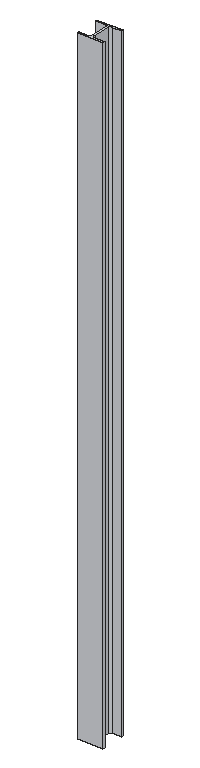
Revit family "H 型鋼柱", category 結構柱, Revit 2014
Parameters (values of type "H100x100")
  W = 0
  Structural Material [instance] = none
  關鍵註記 = "05124"
  Assembly Code = ""
  B = 100 mm
  H = 100 mm
  r = 10 mm
  tf = 8 mm
  tw = 6 mm
  A = 0.001 m²
Reference planes
  plane 1: y = 0
  plane 2: z = 0
  plane 3: x = 0
  plane 4: x = -50
  plane 5: x = 50
  plane 6: y = 50
  plane 7: y = -50
Forms (mm)
  Extrusion 1, solid, material <- "Structural Material", detail levels medium+fine
    sketch origin (0, 0, 0) x (1, 0, 0) y (0, 1, 0)
      loop
        line (-50, 50) -> (-50, 42) -> (-13, 42)
        arc (-13, 42) -> (-5.929, 39.071) -> (-3, 32) r 10
        line (-3, 32) -> (-3, -32)
        arc (-3, -32) -> (-5.929, -39.071) -> (-13, -42) r 10
        line (-13, -42) -> (-50, -42) -> (-50, -50) -> (50, -50) -> (50, -42) -> (13, -42)
        arc (13, -42) -> (5.929, -39.071) -> (3, -32) r 10
        line (3, -32) -> (3, 32)
        arc (3, 32) -> (5.929, 39.071) -> (13, 42) r 10
        line (13, 42) -> (50, 42) -> (50, 50) -> (-50, 50)
    from 0 to 2500
Lines and regions (mm)
  symbolic lines, style "StructuralColumnStickSymbols", detail levels coarse
    curve 1: line (-50, 50, 0) -> (50, 50, 0)
    curve 2: line (-50, -50, 0) -> (50, -50, 0)
    curve 3: line (0, 50, 0) -> (0, -50, 0)
  symbolic lines, style "隱藏面", detail levels medium+fine
    curve 4: line (-3.969, 0, 0) -> (-3.969, 0, 2500)
    curve 5: line (3.969, 0, 2500) -> (3.969, 0, 0)
  model lines, style "StructuralColumnStickSymbols", detail levels coarse
    curve 6: line (0, 0, 0) -> (0, 0, 2500)
Dimensions and locks
  equal spacing: plane 4, plane 3, plane 5
  equal spacing: plane 7, plane 1, plane 6
  "H": plane 7 to plane 6
  "B": plane 4 to plane 5
  "tf": Extrusion 1 sketch curve to Extrusion 1 sketch curve  (x4)
  "tw": Extrusion 1 sketch curve to Extrusion 1 sketch curve
  equal spacing: Extrusion 1 sketch curve, plane 3, Extrusion 1 sketch curve
  "r": radius of Extrusion 1 sketch curve  (x4)
  aligned and locked: level to plane 2
  aligned and locked: level to Extrusion 1
Automatic sketch dimensions
  curve 2 to plane 4 = 0 mm
  curve 1 to plane 4 = 0 mm
  curve 3 to plane 3 = 0 mm
  curve 2 to plane 5 = 0 mm
  curve 1 to plane 5 = 0 mm
  curve 3 to plane 7 = 0 mm
  curve 3 to plane 6 = 0 mm
  curve 4 to level = 0 mm  (x2)
  curve 6 to level = 0 mm  (x2)
  curve 6 to plane 3 = 0 mm
  curve 5 to level = 0 mm  (x2)
  Extrusion 1 sketch curve to plane 4 = 0 mm  (x2)
  Extrusion 1 sketch curve to plane 5 = 0 mm  (x2)
  Extrusion 1 sketch curve to plane 7 = 0 mm
  Extrusion 1 sketch curve to plane 6 = 0 mm
  plane 3 to curve 5 = 3.969 mm
  curve 4 to curve 6 = 3.969 mm
